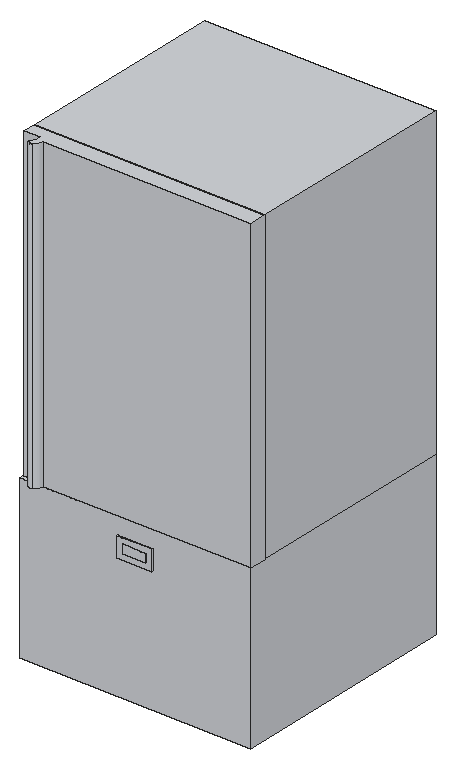
Revit family "Шкафы шоковой заморозки", category Оборудование, Revit 2020 (continued)
Automatic sketch dimensions
  curve 3032 to curve 3033 = 0 mm
  curve 2869 to curve 2870 = 0 mm
  curve 2872 to curve 2871 = 0 mm
  curve 3029 to curve 3028 = 21.213 mm
  curve 2868 to curve 2869 = 0 mm
  curve 3029 to curve 3028 = 0 mm
  curve 2867 to curve 2868 = 0 mm
  curve 3030 to curve 3029 = 0 mm
  curve 3031 to curve 3030 = 0 mm
  curve 2865 to curve 3035 = 0 mm
  curve 3034 to curve 3035 = 0 mm
  curve 2866 to curve 2865 = 0 mm
  curve 3033 to curve 3042 = 8.787 mm
  curve 3032 to curve 3041 = 8.787 mm
  curve 3031 to curve 3040 = 8.787 mm
  curve 3030 to curve 3039 = 8.787 mm
  curve 2871 to curve 2880 = 8.787 mm
  curve 3028 to curve 3037 = 8.787 mm
  curve 2870 to curve 2879 = 8.787 mm
  curve 3036 to curve 3037 = 0 mm
  curve 2869 to curve 2878 = 8.787 mm
  curve 2866 to curve 2875 = 8.787 mm
  curve 2867 to curve 2876 = 8.787 mm
  curve 3029 to curve 3038 = 8.787 mm
  curve 3035 to curve 2873 = 8.787 mm
  curve 3034 to curve 3043 = 8.787 mm
  curve 2868 to curve 2877 = 8.787 mm
  curve 2865 to curve 2874 = 8.787 mm
  curve 3039 to curve 3038 = 21.213 mm
  curve 2874 to curve 2873 = 21.213 mm
  curve 2880 to curve 2880 = 21.213 mm
  curve 2879 to curve 2880 = 0 mm
  curve 2878 to curve 2879 = 0 mm
  curve 2877 to curve 2878 = 0 mm
  curve 2876 to curve 2877 = 0 mm
  curve 2875 to curve 2876 = 0 mm
  curve 3037 to curve 3036 = 21.213 mm
  curve 3043 to curve 2873 = 0 mm
  curve 3042 to curve 3043 = 0 mm
  curve 3037 to curve 3036 = 0 mm
  curve 3041 to curve 3042 = 0 mm
  curve 3040 to curve 3041 = 0 mm
  curve 2874 to curve 2873 = 0 mm
  curve 3039 to curve 3038 = 0 mm
  curve 2874 to curve 2883 = 8.787 mm
  curve 2877 to curve 2886 = 8.787 mm
  curve 2875 to curve 2884 = 8.787 mm
  curve 3036 to curve 3044 = 8.787 mm
  curve 2878 to curve 2887 = 8.787 mm
  curve 2879 to curve 2888 = 8.787 mm
  curve 3036 to curve 3045 = 8.787 mm
  curve 3037 to curve 3046 = 8.787 mm
  curve 3038 to curve 3047 = 8.787 mm
  curve 3039 to curve 3048 = 8.787 mm
  curve 3040 to curve 3049 = 8.787 mm
  curve 3041 to curve 3050 = 8.787 mm
  curve 3043 to curve 2881 = 8.787 mm
  curve 2873 to curve 2882 = 8.787 mm
  curve 3042 to curve 3051 = 8.787 mm
  curve 2876 to curve 2885 = 8.787 mm
  curve 3048 to curve 3047 = 21.213 mm
  curve 2882 to curve 2881 = 21.213 mm
  curve 2880 to curve 2888 = 30 mm
  curve 2887 to curve 2888 = 0 mm
  curve 2886 to curve 2887 = 0 mm
  curve 2885 to curve 2886 = 0 mm
  curve 2884 to curve 2885 = 0 mm
  curve 2883 to curve 2884 = 0 mm
  curve 3045 to curve 3044 = 21.213 mm
  curve 3045 to curve 3044 = 0 mm
  curve 3046 to curve 3047 = 0 mm
  curve 2882 to curve 2881 = 0 mm
  curve 3048 to curve 3047 = 0 mm
  curve 3049 to curve 3048 = 0 mm
  curve 3050 to curve 3049 = 0 mm
  curve 3051 to curve 3050 = 0 mm
  curve 3051 to curve 2889 = 8.787 mm
  curve 3049 to curve 3058 = 8.787 mm
  curve 3050 to curve 3059 = 8.787 mm
  curve 2887 to curve 2896 = 8.787 mm
  curve 3047 to curve 3056 = 8.787 mm
  curve 3044 to curve 3052 = 8.787 mm
  curve 2886 to curve 2895 = 8.787 mm
  curve 2881 to curve 2890 = 8.787 mm
  curve 2885 to curve 2894 = 8.787 mm
  curve 2882 to curve 2891 = 8.787 mm
  curve 3044 to curve 3053 = 8.787 mm
  curve 2884 to curve 2893 = 8.787 mm
  curve 3046 to curve 3055 = 8.787 mm
  curve 2883 to curve 2892 = 8.787 mm
  curve 3045 to curve 3054 = 8.787 mm
  curve 3048 to curve 3057 = 8.787 mm
  curve 3055 to curve 3054 = 21.213 mm
  curve 2892 to curve 2891 = 21.213 mm
  curve 3053 to curve 3054 = 0 mm
  curve 2894 to curve 2893 = 21.213 mm
  curve 3055 to curve 3054 = 0 mm
  curve 2890 to curve 2891 = 0 mm
  curve 3052 to curve 3053 = 0 mm
  curve 2894 to curve 2893 = 0 mm
  curve 2895 to curve 2894 = 0 mm
  curve 2889 to curve 3059 = 21.213 mm
  curve 2896 to curve 2895 = 0 mm
  curve 3058 to curve 3059 = 0 mm
  curve 2889 to curve 2890 = 0 mm
  curve 3057 to curve 3058 = 0 mm
  curve 2892 to curve 2891 = 0 mm
  curve 3056 to curve 3055 = 0 mm
  curve 3052 to curve 3060 = 8.787 mm
  curve 3053 to curve 3062 = 8.787 mm
  curve 3054 to curve 3063 = 8.787 mm
  curve 3055 to curve 3064 = 8.787 mm
  curve 3056 to curve 3065 = 8.787 mm
  curve 3057 to curve 3066 = 8.787 mm
  curve 3058 to curve 3067 = 8.787 mm
  curve 2889 to curve 2898 = 8.787 mm
  curve 2895 to curve 2904 = 8.787 mm
  curve 2894 to curve 2903 = 8.787 mm
  curve 3059 to curve 2897 = 8.787 mm
  curve 3052 to curve 3061 = 8.787 mm
  curve 2890 to curve 2899 = 8.787 mm
  curve 2891 to curve 2900 = 8.787 mm
  curve 2893 to curve 2902 = 8.787 mm
  curve 2892 to curve 2901 = 8.787 mm
  curve 3062 to curve 3061 = 21.213 mm
  curve 2904 to curve 2904 = 21.213 mm
  curve 2902 to curve 2901 = 21.213 mm
  curve 2900 to curve 2901 = 0 mm
  curve 2903 to curve 2904 = 0 mm
  curve 2897 to curve 3067 = 21.213 mm
  curve 2899 to curve 2900 = 0 mm
  curve 3066 to curve 3067 = 0 mm
  curve 2902 to curve 2901 = 0 mm
  curve 3065 to curve 3066 = 0 mm
  curve 2898 to curve 2899 = 0 mm
  curve 3064 to curve 3065 = 0 mm
  curve 3063 to curve 3064 = 0 mm
  curve 3062 to curve 3063 = 0 mm
  curve 3060 to curve 3061 = 0 mm
  curve 2897 to curve 2898 = 0 mm
  curve 3064 to curve 3073 = 8.787 mm
  curve 2903 to curve 2912 = 8.787 mm
  curve 2898 to curve 2907 = 8.787 mm
  curve 2899 to curve 2908 = 8.787 mm
  curve 2900 to curve 2909 = 8.787 mm
  curve 3065 to curve 3074 = 8.787 mm
  curve 3060 to curve 3068 = 8.787 mm
  curve 2901 to curve 2910 = 8.787 mm
  curve 3060 to curve 3069 = 8.787 mm
  curve 3061 to curve 3070 = 8.787 mm
  curve 2902 to curve 2911 = 8.787 mm
  curve 3062 to curve 3071 = 8.787 mm
  curve 3067 to curve 2905 = 8.787 mm
  curve 3066 to curve 3075 = 8.787 mm
  curve 3063 to curve 3072 = 8.787 mm
  curve 2897 to curve 2906 = 8.787 mm
  curve 2909 to curve 2908 = 21.213 mm
  curve 2912 to curve 2912 = 21.213 mm
  curve 2909 to curve 2908 = 0 mm
  curve 2910 to curve 2909 = 0 mm
  curve 2905 to curve 3075 = 21.213 mm
  curve 3074 to curve 3075 = 0 mm
  curve 2911 to curve 2910 = 0 mm
  curve 3073 to curve 3074 = 0 mm
  curve 3072 to curve 3073 = 0 mm
  curve 3069 to curve 3068 = 21.213 mm
  curve 3069 to curve 3068 = 0 mm
  curve 2907 to curve 2906 = 21.213 mm
  curve 3070 to curve 3069 = 0 mm
  curve 3071 to curve 3070 = 0 mm
  curve 2905 to curve 2906 = 0 mm
  curve 2907 to curve 2908 = 0 mm
  curve 3074 to curve 3083 = 8.787 mm
  curve 3073 to curve 3082 = 8.787 mm
  curve 3072 to curve 3081 = 8.787 mm
  curve 3071 to curve 3080 = 8.787 mm
  curve 3070 to curve 3079 = 8.787 mm
  curve 3069 to curve 3078 = 8.787 mm
  curve 3068 to curve 3077 = 8.787 mm
  curve 2910 to curve 2919 = 8.787 mm
  curve 3076 to curve 3077 = 0 mm
  curve 2909 to curve 2918 = 8.787 mm
  curve 2906 to curve 2915 = 8.787 mm
  curve 2907 to curve 2916 = 8.787 mm
  curve 2911 to curve 2920 = 8.787 mm
  curve 3075 to curve 2913 = 8.787 mm
  curve 2908 to curve 2917 = 8.787 mm
  curve 2905 to curve 2914 = 8.787 mm
  curve 2916 to curve 2915 = 21.213 mm
  curve 2920 to curve 2919 = 21.213 mm
  curve 3077 to curve 3076 = 21.213 mm
  curve 2913 to curve 3083 = 21.213 mm
  curve 2916 to curve 2915 = 0 mm
  curve 2918 to curve 2919 = 0 mm
  curve 3077 to curve 3076 = 0 mm
  curve 2913 to curve 3083 = 0 mm
  curve 3078 to curve 3077 = 0 mm
  curve 3082 to curve 3083 = 0 mm
  curve 3079 to curve 3078 = 0 mm
  curve 3081 to curve 3082 = 0 mm
  curve 2914 to curve 2913 = 0 mm
  curve 2917 to curve 2918 = 0 mm
  curve 3080 to curve 3079 = 0 mm
  curve 2920 to curve 2919 = 0 mm
  curve 3083 to curve 3163 = 12.3 mm
  curve 2920 to curve 3000 = 12.3 mm
  curve 2914 to curve 2994 = 12.3 mm
  curve 2919 to curve 2999 = 12.3 mm
  curve 2918 to curve 2998 = 12.3 mm
  curve 2917 to curve 2997 = 12.3 mm
  curve 2913 to curve 2993 = 12.3 mm
  curve 2916 to curve 2996 = 12.3 mm
  curve 2915 to curve 2995 = 12.3 mm
  curve 3082 to curve 3162 = 12.3 mm
  curve 3076 to curve 3156 = 12.3 mm
  curve 3077 to curve 3157 = 12.3 mm
  curve 3078 to curve 3158 = 12.3 mm
  curve 3079 to curve 3159 = 12.3 mm
  curve 3080 to curve 3160 = 12.3 mm
  curve 3081 to curve 3161 = 12.3 mm
  curve 2994 to curve 2995 = 21.213 mm
  curve 2996 to curve 2995 = 0 mm
  curve 3158 to curve 3159 = 21.213 mm
  curve 2997 to curve 2996 = 0 mm
  curve 3158 to curve 3159 = 0 mm
  curve 2998 to curve 2997 = 0 mm
  curve 3157 to curve 3158 = 0 mm
  curve 2999 to curve 2998 = 0 mm
  curve 3000 to curve 2999 = 0 mm
  curve 3162 to curve 3163 = 21.213 mm
  curve 2994 to curve 2995 = 0 mm
  curve 2993 to curve 2994 = 0 mm
  curve 3162 to curve 3163 = 0 mm
  curve 3161 to curve 3162 = 0 mm
  curve 3160 to curve 3159 = 0 mm
  curve 3156 to curve 3157 = 0 mm
  curve 3161 to curve 3152 = 8.787 mm
  curve 2993 to curve 3155 = 8.787 mm
  curve 3163 to curve 3154 = 8.787 mm
  curve 3000 to curve 2991 = 8.787 mm
  curve 2992 to curve 2991 = 0 mm
  curve 2994 to curve 2985 = 8.787 mm
  curve 3160 to curve 3151 = 8.787 mm
  curve 2995 to curve 2986 = 8.787 mm
  curve 2998 to curve 2989 = 8.787 mm
  curve 2999 to curve 2990 = 8.787 mm
  curve 2996 to curve 2987 = 8.787 mm
  curve 3159 to curve 3150 = 8.787 mm
  curve 3162 to curve 3153 = 8.787 mm
  curve 3158 to curve 3149 = 8.787 mm
  curve 3157 to curve 3148 = 8.787 mm
  curve 2997 to curve 2988 = 8.787 mm
  curve 2989 to curve 2990 = 21.213 mm
  curve 2987 to curve 2988 = 21.213 mm
  curve 2987 to curve 2988 = 0 mm
  curve 2986 to curve 2987 = 0 mm
  curve 2985 to curve 2986 = 0 mm
  curve 3153 to curve 3154 = 21.213 mm
  curve 3153 to curve 3154 = 0 mm
  curve 2991 to curve 2992 = 21.213 mm
  curve 2989 to curve 2990 = 0 mm
  curve 3155 to curve 3154 = 0 mm
  curve 3156 to curve 3148 = 30 mm
  curve 3152 to curve 3153 = 0 mm
  curve 3149 to curve 3148 = 0 mm
  curve 2991 to curve 2992 = 0 mm
  curve 3150 to curve 3149 = 0 mm
  curve 3151 to curve 3150 = 0 mm
  curve 2991 to curve 2982 = 8.787 mm
  curve 2986 to curve 2977 = 8.787 mm
  curve 2987 to curve 2978 = 8.787 mm
  curve 3150 to curve 3141 = 8.787 mm
  curve 2988 to curve 2979 = 8.787 mm
  curve 2992 to curve 2984 = 8.787 mm
  curve 3154 to curve 3145 = 8.787 mm
  curve 2989 to curve 2980 = 8.787 mm
  curve 3152 to curve 3143 = 8.787 mm
  curve 3153 to curve 3144 = 8.787 mm
  curve 2990 to curve 2981 = 8.787 mm
  curve 2985 to curve 3147 = 8.787 mm
  curve 2992 to curve 2983 = 8.787 mm
  curve 3149 to curve 3140 = 8.787 mm
  curve 3155 to curve 3146 = 8.787 mm
  curve 3151 to curve 3142 = 8.787 mm
  curve 2977 to curve 2978 = 21.213 mm
  curve 2982 to curve 2983 = 21.213 mm
  curve 2982 to curve 2983 = 0 mm
  curve 3142 to curve 3143 = 21.213 mm
  curve 2981 to curve 2982 = 0 mm
  curve 3144 to curve 3143 = 0 mm
  curve 3145 to curve 3144 = 0 mm
  curve 2980 to curve 2981 = 0 mm
  curve 2984 to curve 2983 = 0 mm
  curve 2977 to curve 2978 = 0 mm
  curve 3140 to curve 3141 = 21.213 mm
  curve 2979 to curve 2980 = 0 mm
  curve 3142 to curve 3143 = 0 mm
  curve 3140 to curve 3141 = 0 mm
  curve 3146 to curve 3145 = 0 mm
  curve 3147 to curve 3146 = 0 mm
  curve 2983 to curve 2974 = 8.787 mm
  curve 2979 to curve 2970 = 8.787 mm
  curve 2978 to curve 2969 = 8.787 mm
  curve 3143 to curve 3134 = 8.787 mm
  curve 3144 to curve 3135 = 8.787 mm
  curve 3145 to curve 3136 = 8.787 mm
  curve 3146 to curve 3137 = 8.787 mm
  curve 3147 to curve 3138 = 8.787 mm
  curve 2977 to curve 3139 = 8.787 mm
  curve 2982 to curve 2973 = 8.787 mm
  curve 2981 to curve 2972 = 8.787 mm
  curve 2980 to curve 2971 = 8.787 mm
  curve 3142 to curve 3133 = 8.787 mm
  curve 2984 to curve 2975 = 8.787 mm
  curve 3141 to curve 3132 = 8.787 mm
  curve 2976 to curve 2975 = 0 mm  (x2)
  curve 3138 to curve 3139 = 21.213 mm
  curve 2970 to curve 2971 = 21.213 mm
  curve 2972 to curve 2971 = 0 mm
  curve 2970 to curve 2971 = 0 mm
  curve 3138 to curve 3139 = 0 mm
  curve 2969 to curve 2970 = 0 mm
  curve 2973 to curve 2974 = 21.213 mm
  curve 3133 to curve 3134 = 21.213 mm
  curve 3137 to curve 3138 = 0 mm
  curve 2975 to curve 2974 = 0 mm
  curve 3136 to curve 3137 = 0 mm
  curve 3133 to curve 3134 = 0 mm
  curve 3135 to curve 3134 = 0 mm
  curve 3132 to curve 3133 = 0 mm
  curve 2973 to curve 2974 = 0 mm
  curve 2973 to curve 2964 = 8.787 mm
  curve 2974 to curve 2965 = 8.787 mm
  curve 3139 to curve 3130 = 8.787 mm
  curve 2975 to curve 2966 = 8.787 mm
  curve 2972 to curve 2963 = 8.787 mm
  curve 3138 to curve 3129 = 8.787 mm
  curve 2976 to curve 2967 = 8.787 mm
  curve 2971 to curve 2962 = 8.787 mm
  curve 3137 to curve 3128 = 8.787 mm
  curve 2968 to curve 2967 = 0 mm
  curve 3136 to curve 3127 = 8.787 mm
  curve 2970 to curve 2961 = 8.787 mm
  curve 3135 to curve 3126 = 8.787 mm
  curve 3134 to curve 3125 = 8.787 mm
  curve 2969 to curve 3131 = 8.787 mm
  curve 3133 to curve 3124 = 8.787 mm
  curve 2967 to curve 2968 = 21.213 mm
  curve 3125 to curve 3126 = 21.213 mm
  curve 3127 to curve 3126 = 0 mm
  curve 3131 to curve 2961 = 21.213 mm
  curve 3128 to curve 3127 = 0 mm
  curve 3129 to curve 3128 = 0 mm
  curve 2967 to curve 2968 = 0 mm
  curve 2962 to curve 2961 = 0 mm
  curve 3130 to curve 3129 = 0 mm
  curve 2966 to curve 2967 = 0 mm
  curve 3131 to curve 3130 = 0 mm
  curve 2963 to curve 2962 = 0 mm
  curve 2965 to curve 2966 = 0 mm
  curve 3132 to curve 3124 = 30 mm
  curve 2964 to curve 2963 = 0 mm
  curve 3125 to curve 3126 = 0 mm
  curve 2967 to curve 2958 = 8.787 mm
  curve 2962 to curve 2953 = 8.787 mm
  curve 3129 to curve 3120 = 8.787 mm
  curve 3125 to curve 3116 = 8.787 mm
  curve 2968 to curve 2960 = 8.787 mm
  curve 2966 to curve 2957 = 8.787 mm
  curve 2963 to curve 2954 = 8.787 mm
  curve 3126 to curve 3117 = 8.787 mm
  curve 3131 to curve 3122 = 8.787 mm
  curve 3128 to curve 3119 = 8.787 mm
  curve 2964 to curve 2955 = 8.787 mm
  curve 3130 to curve 3121 = 8.787 mm
  curve 2965 to curve 2956 = 8.787 mm
  curve 2968 to curve 2959 = 8.787 mm
  curve 2961 to curve 3123 = 8.787 mm
  curve 3127 to curve 3118 = 8.787 mm
  curve 3122 to curve 3123 = 21.213 mm
  curve 3122 to curve 3123 = 0 mm
  curve 2958 to curve 2959 = 21.213 mm
  curve 3121 to curve 3122 = 0 mm
  curve 2958 to curve 2959 = 0 mm
  curve 3120 to curve 3121 = 0 mm
  curve 2957 to curve 2958 = 0 mm
  curve 3119 to curve 3120 = 0 mm
  curve 2956 to curve 2957 = 0 mm
  curve 3118 to curve 3119 = 0 mm
  curve 2955 to curve 2956 = 0 mm
  curve 3117 to curve 3118 = 0 mm
  curve 2954 to curve 2955 = 0 mm
  curve 3116 to curve 3117 = 0 mm
  curve 2960 to curve 2959 = 0 mm
  curve 2953 to curve 2954 = 0 mm
  curve 2957 to curve 2948 = 8.787 mm
  curve 2958 to curve 2949 = 8.787 mm
  curve 3122 to curve 3113 = 8.787 mm
  curve 3121 to curve 3112 = 8.787 mm
  curve 2959 to curve 2950 = 8.787 mm
  curve 2954 to curve 2945 = 8.787 mm
  curve 3120 to curve 3111 = 8.787 mm
  curve 3119 to curve 3110 = 8.787 mm
  curve 2960 to curve 2951 = 8.787 mm
  curve 2955 to curve 2946 = 8.787 mm
  curve 3118 to curve 3109 = 8.787 mm
  curve 3117 to curve 3108 = 8.787 mm
  curve 2952 to curve 2951 = 0 mm
  curve 2956 to curve 2947 = 8.787 mm
  curve 3123 to curve 3114 = 8.787 mm
  curve 2953 to curve 3115 = 8.787 mm
  curve 2947 to curve 2948 = 21.213 mm
  curve 3114 to curve 3115 = 21.213 mm
  curve 3116 to curve 3108 = 30 mm
  curve 2947 to curve 2948 = 0 mm
  curve 3109 to curve 3108 = 0 mm
  curve 2951 to curve 2952 = 21.213 mm
  curve 3110 to curve 3109 = 0 mm
  curve 2946 to curve 2947 = 0 mm
  curve 3111 to curve 3110 = 0 mm
  curve 2951 to curve 2952 = 0 mm
  curve 3112 to curve 3111 = 0 mm
  curve 2945 to curve 2946 = 0 mm
  curve 3113 to curve 3112 = 0 mm
  curve 2950 to curve 2951 = 0 mm
  curve 3114 to curve 3115 = 0 mm
  curve 2949 to curve 2950 = 0 mm
  curve 2945 to curve 3107 = 8.787 mm
  curve 3115 to curve 3106 = 8.787 mm
  curve 2949 to curve 2940 = 8.787 mm
  curve 3114 to curve 3105 = 8.787 mm
  curve 3113 to curve 3104 = 8.787 mm
  curve 3112 to curve 3103 = 8.787 mm
  curve 3111 to curve 3102 = 8.787 mm
  curve 3110 to curve 3101 = 8.787 mm
  curve 3109 to curve 3100 = 8.787 mm
  curve 2952 to curve 2944 = 8.787 mm
  curve 2952 to curve 2943 = 8.787 mm
  curve 2951 to curve 2942 = 8.787 mm
  curve 2950 to curve 2941 = 8.787 mm
  curve 2948 to curve 2939 = 8.787 mm
  curve 2947 to curve 2938 = 8.787 mm
  curve 2946 to curve 2937 = 8.787 mm
  curve 3106 to curve 3107 = 21.213 mm
  curve 3106 to curve 3107 = 0 mm
  curve 3105 to curve 3106 = 0 mm
  curve 3104 to curve 3105 = 0 mm
  curve 3103 to curve 3104 = 0 mm
  curve 3102 to curve 3103 = 0 mm
  curve 3101 to curve 3102 = 0 mm
  curve 3100 to curve 3101 = 0 mm
  curve 2937 to curve 2938 = 21.213 mm
  curve 2939 to curve 2938 = 0 mm
  curve 2940 to curve 2939 = 0 mm
  curve 2941 to curve 2940 = 0 mm
  curve 2943 to curve 2944 = 21.213 mm
  curve 2937 to curve 2938 = 0 mm
  curve 2943 to curve 2944 = 0 mm
  curve 2942 to curve 2943 = 0 mm
  curve 3104 to curve 3095 = 8.787 mm
  curve 3103 to curve 3094 = 8.787 mm
  curve 3106 to curve 3097 = 8.787 mm
  curve 3102 to curve 3093 = 8.787 mm
  curve 2938 to curve 2929 = 8.787 mm
  curve 3101 to curve 3092 = 8.787 mm
  curve 2939 to curve 2930 = 8.787 mm
  curve 2940 to curve 2931 = 8.787 mm
  curve 2937 to curve 3099 = 8.787 mm
  curve 2941 to curve 2932 = 8.787 mm
  curve 3105 to curve 3096 = 8.787 mm
  curve 2942 to curve 2933 = 8.787 mm
  curve 2944 to curve 2936 = 8.787 mm
  curve 2943 to curve 2934 = 8.787 mm
  curve 2944 to curve 2935 = 8.787 mm
  curve 3107 to curve 3098 = 8.787 mm
  curve 2935 to curve 2936 = 21.213 mm
  curve 2933 to curve 2934 = 21.213 mm
  curve 2933 to curve 2934 = 0 mm
  curve 2932 to curve 2933 = 0 mm
  curve 3092 to curve 3001 = 30 mm
  curve 3093 to curve 3092 = 0 mm
  curve 3094 to curve 3093 = 0 mm
  curve 3095 to curve 3094 = 0 mm
  curve 3096 to curve 3095 = 0 mm
  curve 3097 to curve 3096 = 0 mm
  curve 3099 to curve 2929 = 21.213 mm
  curve 3098 to curve 3097 = 0 mm
  curve 2930 to curve 2929 = 0 mm
  curve 3099 to curve 3098 = 0 mm
  curve 2935 to curve 2934 = 0 mm
  curve 2931 to curve 2932 = 0 mm
  curve 2928 to curve 3001 = 21.213 mm
  curve 3099 to curve 3090 = 8.787 mm
  curve 2936 to curve 2927 = 8.787 mm
  curve 3098 to curve 3089 = 8.787 mm
  curve 2935 to curve 2926 = 8.787 mm
  curve 3097 to curve 3088 = 8.787 mm
  curve 2934 to curve 2925 = 8.787 mm
  curve 3096 to curve 3087 = 8.787 mm
  curve 2933 to curve 2924 = 8.787 mm
  curve 3095 to curve 3086 = 8.787 mm
  curve 2932 to curve 2923 = 8.787 mm
  curve 3094 to curve 3085 = 8.787 mm
  curve 2931 to curve 2922 = 8.787 mm
  curve 3093 to curve 3084 = 8.787 mm
  curve 2929 to curve 3091 = 8.787 mm
  curve 2930 to curve 2921 = 8.787 mm
  Extrusion 2 to curve 763 = 71.801 mm
  Extrusion 2 to curve 763 = 167.723 mm
  Extrusion 2 to curve 766 = 37.264 mm
  Extrusion 2 to curve 766 = 135.284 mm
  curve 763 to curve 519 = 0.009 mm
  curve 763 to curve 439 = 0.009 mm
  curve 551 to curve 552 = 15.009 mm
  curve 463 to curve 464 = 15.009 mm
  curve 559 to curve 560 = 15.009 mm
  curve 543 to curve 544 = 15.009 mm
  curve 455 to curve 456 = 15.009 mm
  curve 447 to curve 448 = 15.009 mm
  curve 471 to curve 472 = 15.009 mm
  curve 535 to curve 536 = 15.009 mm
  curve 591 to curve 592 = 15.009 mm
  curve 479 to curve 480 = 15.009 mm
  curve 527 to curve 528 = 15.009 mm
  curve 487 to curve 488 = 15.009 mm
  curve 567 to curve 568 = 15.009 mm
  curve 583 to curve 584 = 15.009 mm
  curve 519 to curve 520 = 15 mm
  curve 511 to curve 512 = 15.009 mm
  curve 495 to curve 496 = 15.009 mm
  curve 439 to curve 440 = 15 mm
  curve 503 to curve 504 = 15.009 mm
  curve 575 to curve 576 = 15.009 mm
  curve 512 to curve 511 = 6.213 mm
  curve 512 to curve 503 = 6.213 mm
  curve 592 to curve 583 = 6.213 mm
  curve 504 to curve 495 = 6.213 mm
  curve 584 to curve 575 = 6.213 mm
  curve 528 to curve 519 = 6.213 mm
  curve 464 to curve 455 = 6.213 mm
  curve 448 to curve 439 = 6.213 mm
  curve 536 to curve 527 = 6.213 mm
  curve 496 to curve 487 = 6.213 mm
  curve 511 to curve 591 = 0 mm
  curve 488 to curve 479 = 6.213 mm
  curve 544 to curve 535 = 6.213 mm
  curve 576 to curve 567 = 6.213 mm
  curve 552 to curve 543 = 6.213 mm
  curve 480 to curve 471 = 6.213 mm
  curve 472 to curve 463 = 6.213 mm
  curve 568 to curve 559 = 6.213 mm
  curve 560 to curve 551 = 6.213 mm
  curve 456 to curve 447 = 6.213 mm
  curve 447 to curve 457 = 8.787 mm
  curve 543 to curve 553 = 8.787 mm
  curve 440 to curve 441 = 15 mm
  curve 535 to curve 545 = 8.787 mm
  curve 551 to curve 561 = 8.787 mm
  curve 527 to curve 537 = 8.787 mm
  curve 519 to curve 529 = 8.787 mm
  curve 439 to curve 449 = 8.787 mm
  curve 520 to curve 521 = 15 mm
  curve 503 to curve 513 = 8.787 mm
  curve 559 to curve 569 = 8.787 mm
  curve 495 to curve 505 = 8.787 mm
  curve 487 to curve 497 = 8.787 mm
  curve 567 to curve 577 = 8.787 mm
  curve 479 to curve 489 = 8.787 mm
  curve 471 to curve 481 = 8.787 mm
  curve 575 to curve 585 = 8.787 mm
  curve 463 to curve 473 = 8.787 mm
  curve 583 to curve 593 = 8.787 mm
  curve 455 to curve 465 = 8.787 mm
  curve 591 to curve 592 = 15 mm
  curve 593 to curve 584 = 6.213 mm
  curve 585 to curve 576 = 6.213 mm
  curve 577 to curve 568 = 6.213 mm
  curve 449 to curve 440 = 6.213 mm
  curve 569 to curve 560 = 6.213 mm
  curve 553 to curve 544 = 6.213 mm
  curve 545 to curve 536 = 6.213 mm
  curve 457 to curve 448 = 6.213 mm
  curve 537 to curve 528 = 6.213 mm
  curve 529 to curve 520 = 6.213 mm
  curve 512 to curve 592 = 0 mm
  curve 513 to curve 504 = 6.213 mm
  curve 505 to curve 496 = 6.213 mm
  curve 497 to curve 488 = 6.213 mm
  curve 489 to curve 480 = 6.213 mm
  curve 481 to curve 472 = 6.213 mm
  curve 473 to curve 464 = 6.213 mm
  curve 465 to curve 456 = 6.213 mm
  curve 561 to curve 552 = 6.213 mm
  curve 560 to curve 570 = 8.787 mm
  curve 480 to curve 490 = 8.787 mm
  curve 528 to curve 538 = 8.787 mm
  curve 568 to curve 578 = 8.787 mm
  curve 496 to curve 506 = 8.787 mm
  curve 536 to curve 546 = 8.787 mm
  curve 456 to curve 466 = 8.787 mm
  curve 504 to curve 514 = 8.787 mm
  curve 576 to curve 586 = 8.787 mm
  curve 441 to curve 442 = 15 mm
  curve 472 to curve 482 = 8.787 mm
  curve 448 to curve 458 = 8.787 mm
  curve 544 to curve 554 = 8.787 mm
  curve 488 to curve 498 = 8.787 mm
  curve 521 to curve 522 = 15 mm
  curve 440 to curve 450 = 8.787 mm
  curve 584 to curve 594 = 8.787 mm
  curve 520 to curve 530 = 8.787 mm
  curve 464 to curve 474 = 8.787 mm
  curve 552 to curve 562 = 8.787 mm
  curve 570 to curve 561 = 6.213 mm
  curve 538 to curve 529 = 6.213 mm
  curve 514 to curve 505 = 6.213 mm
  curve 592 to curve 593 = 15 mm
  curve 458 to curve 449 = 6.213 mm
  curve 530 to curve 521 = 6.213 mm
  curve 466 to curve 457 = 6.213 mm
  curve 562 to curve 553 = 6.213 mm
  curve 578 to curve 569 = 6.213 mm
  curve 490 to curve 481 = 6.213 mm
  curve 450 to curve 441 = 6.213 mm
  curve 498 to curve 489 = 6.213 mm
  curve 482 to curve 473 = 6.213 mm
  curve 594 to curve 585 = 6.213 mm
  curve 506 to curve 497 = 6.213 mm
  curve 513 to curve 593 = 0 mm
  curve 474 to curve 465 = 6.213 mm
  curve 586 to curve 577 = 6.213 mm
  curve 554 to curve 545 = 6.213 mm
  curve 546 to curve 537 = 6.213 mm
  curve 497 to curve 507 = 8.787 mm
  curve 457 to curve 467 = 8.787 mm
  curve 505 to curve 515 = 8.787 mm
  curve 561 to curve 571 = 8.787 mm
  curve 449 to curve 459 = 8.787 mm
  curve 577 to curve 587 = 8.787 mm
  curve 522 to curve 523 = 15 mm
  curve 489 to curve 499 = 8.787 mm
  curve 553 to curve 563 = 8.787 mm
  curve 441 to curve 451 = 8.787 mm
  curve 465 to curve 475 = 8.787 mm
  curve 521 to curve 531 = 8.787 mm
  curve 585 to curve 595 = 8.787 mm
  curve 545 to curve 555 = 8.787 mm
  curve 442 to curve 443 = 15 mm
  curve 537 to curve 547 = 8.787 mm
  curve 481 to curve 491 = 8.787 mm
  curve 473 to curve 483 = 8.787 mm
  curve 529 to curve 539 = 8.787 mm
  curve 569 to curve 579 = 8.787 mm
  curve 451 to curve 442 = 6.213 mm
  curve 547 to curve 538 = 6.213 mm
  curve 499 to curve 490 = 6.213 mm
  curve 491 to curve 482 = 6.213 mm
  curve 531 to curve 522 = 6.213 mm
  curve 459 to curve 450 = 6.213 mm
  curve 555 to curve 546 = 6.213 mm
  curve 593 to curve 594 = 15 mm
  curve 467 to curve 458 = 6.213 mm
  curve 579 to curve 570 = 6.213 mm
  curve 483 to curve 474 = 6.213 mm
  curve 539 to curve 530 = 6.213 mm
  curve 507 to curve 498 = 6.213 mm
  curve 514 to curve 594 = 0 mm
  curve 475 to curve 466 = 6.213 mm
  curve 587 to curve 578 = 6.213 mm
  curve 595 to curve 586 = 6.213 mm
  curve 563 to curve 554 = 6.213 mm
  curve 515 to curve 506 = 6.213 mm
  curve 571 to curve 562 = 6.213 mm
  curve 498 to curve 508 = 8.787 mm
  curve 443 to curve 444 = 15 mm
  curve 570 to curve 580 = 8.787 mm
  curve 458 to curve 468 = 8.787 mm
  curve 578 to curve 588 = 8.787 mm
  curve 546 to curve 556 = 8.787 mm
  curve 522 to curve 532 = 8.787 mm
  curve 450 to curve 460 = 8.787 mm
  curve 490 to curve 500 = 8.787 mm
  curve 506 to curve 516 = 8.787 mm
  curve 562 to curve 572 = 8.787 mm
  curve 538 to curve 548 = 8.787 mm
  curve 466 to curve 476 = 8.787 mm
  curve 586 to curve 596 = 8.787 mm
  curve 523 to curve 524 = 15 mm
  curve 482 to curve 492 = 8.787 mm
  curve 442 to curve 452 = 8.787 mm
  curve 554 to curve 564 = 8.787 mm
  curve 474 to curve 484 = 8.787 mm
  curve 530 to curve 540 = 8.787 mm
  curve 572 to curve 563 = 6.213 mm
  curve 532 to curve 523 = 6.213 mm
  curve 460 to curve 451 = 6.213 mm
  curve 468 to curve 459 = 6.213 mm
  curve 580 to curve 571 = 6.213 mm
  curve 514 to curve 515 = 15 mm
  curve 540 to curve 531 = 6.213 mm
  curve 564 to curve 555 = 6.213 mm
  curve 476 to curve 467 = 6.213 mm
  curve 588 to curve 579 = 6.213 mm
  curve 452 to curve 443 = 6.213 mm
  curve 516 to curve 507 = 6.213 mm
  curve 596 to curve 587 = 6.213 mm
  curve 515 to curve 595 = 0 mm
  curve 508 to curve 499 = 6.213 mm
  curve 556 to curve 547 = 6.213 mm
  curve 484 to curve 475 = 6.213 mm
  curve 500 to curve 491 = 6.213 mm
  curve 492 to curve 483 = 6.213 mm
  curve 548 to curve 539 = 6.213 mm
  curve 571 to curve 581 = 8.787 mm
  curve 531 to curve 541 = 8.787 mm
  curve 491 to curve 501 = 8.787 mm
  curve 579 to curve 589 = 8.787 mm
  curve 451 to curve 461 = 8.787 mm
  curve 539 to curve 549 = 8.787 mm
  curve 499 to curve 509 = 8.787 mm
  curve 475 to curve 485 = 8.787 mm
  curve 444 to curve 445 = 15 mm
  curve 523 to curve 533 = 8.787 mm
  curve 587 to curve 597 = 8.787 mm
  curve 547 to curve 557 = 8.787 mm
  curve 467 to curve 477 = 8.787 mm
  curve 563 to curve 573 = 8.787 mm
  curve 507 to curve 517 = 8.787 mm
  curve 459 to curve 469 = 8.787 mm
  curve 443 to curve 453 = 8.787 mm
  curve 524 to curve 525 = 15 mm
  curve 483 to curve 493 = 8.787 mm
  curve 555 to curve 565 = 8.787 mm
  curve 573 to curve 564 = 6.213 mm
  curve 533 to curve 524 = 6.213 mm
  curve 461 to curve 452 = 6.213 mm
  curve 485 to curve 476 = 6.213 mm
  curve 477 to curve 468 = 6.213 mm
  curve 515 to curve 516 = 15 mm
  curve 581 to curve 572 = 6.213 mm
  curve 565 to curve 556 = 6.213 mm
  curve 589 to curve 580 = 6.213 mm
  curve 541 to curve 532 = 6.213 mm
  curve 516 to curve 596 = 0 mm
  curve 453 to curve 444 = 6.213 mm
  curve 517 to curve 508 = 6.213 mm
  curve 493 to curve 484 = 6.213 mm
  curve 469 to curve 460 = 6.213 mm
  curve 557 to curve 548 = 6.213 mm
  curve 509 to curve 500 = 6.213 mm
  curve 597 to curve 588 = 6.213 mm
  curve 549 to curve 540 = 6.213 mm
  curve 501 to curve 492 = 6.213 mm
  curve 492 to curve 502 = 8.787 mm
  curve 452 to curve 462 = 8.787 mm
  curve 572 to curve 582 = 8.787 mm
  curve 580 to curve 590 = 8.787 mm
  curve 500 to curve 510 = 8.787 mm
  curve 564 to curve 574 = 8.787 mm
  curve 588 to curve 598 = 8.787 mm
  curve 508 to curve 518 = 8.787 mm
  curve 444 to curve 454 = 8.787 mm
  curve 460 to curve 470 = 8.787 mm
  curve 484 to curve 494 = 8.787 mm
  curve 556 to curve 566 = 8.787 mm
  curve 525 to curve 526 = 15 mm  (x2)
  curve 540 to curve 550 = 8.787 mm
  curve 468 to curve 478 = 8.787 mm
  curve 548 to curve 558 = 8.787 mm
  curve 476 to curve 486 = 8.787 mm
  curve 445 to curve 446 = 15 mm  (x2)
  curve 524 to curve 534 = 8.787 mm
  curve 532 to curve 542 = 8.787 mm
  curve 494 to curve 485 = 6.213 mm
  curve 550 to curve 541 = 6.213 mm
  curve 558 to curve 549 = 6.213 mm
  curve 486 to curve 477 = 6.213 mm
  curve 542 to curve 533 = 6.213 mm
  curve 454 to curve 445 = 6.213 mm
  curve 566 to curve 557 = 6.213 mm
  curve 534 to curve 525 = 6.213 mm
  curve 574 to curve 565 = 6.213 mm
  curve 502 to curve 493 = 6.213 mm
  curve 462 to curve 453 = 6.213 mm
  curve 478 to curve 469 = 6.213 mm
  curve 516 to curve 517 = 15 mm
  curve 582 to curve 573 = 6.213 mm
  curve 517 to curve 597 = 0 mm
  curve 598 to curve 589 = 6.213 mm
  curve 590 to curve 581 = 6.213 mm
  curve 510 to curve 501 = 6.213 mm
  curve 518 to curve 509 = 6.213 mm
  curve 470 to curve 461 = 6.213 mm
  curve 461 to curve 462 = 15 mm
  curve 581 to curve 582 = 15 mm
  curve 501 to curve 502 = 15 mm
  curve 509 to curve 510 = 15 mm
  curve 589 to curve 590 = 15 mm
  curve 573 to curve 574 = 15 mm
  curve 597 to curve 598 = 15 mm
  curve 485 to curve 486 = 15 mm
  curve 453 to curve 454 = 15 mm
  curve 518 to curve 598 = 0 mm
  curve 493 to curve 494 = 15 mm
  curve 469 to curve 470 = 15 mm
  curve 565 to curve 566 = 15 mm
  curve 541 to curve 542 = 15 mm
  curve 477 to curve 478 = 15 mm
  curve 557 to curve 558 = 15 mm
  curve 533 to curve 534 = 15 mm
  curve 549 to curve 550 = 15 mm
  curve 523 to curve 524 = 21.049 mm
  curve 526 to curve 764 = 21.049 mm
  curve 522 to curve 523 = 0 mm
  curve 519 to curve 520 = 21.049 mm
  curve 520 to curve 519 = 0 mm
  curve 521 to curve 522 = 0 mm
  curve 524 to curve 523 = 0 mm
  curve 525 to curve 524 = 0 mm
  curve 527 to curve 519 = 8.787 mm
  curve 532 to curve 523 = 8.787 mm
  curve 531 to curve 522 = 8.787 mm
  curve 528 to curve 519 = 8.787 mm
  curve 529 to curve 520 = 8.787 mm
  curve 534 to curve 525 = 8.787 mm
  curve 530 to curve 521 = 8.787 mm
  curve 533 to curve 524 = 8.787 mm
  curve 527 to curve 528 = 21.213 mm
  curve 531 to curve 532 = 21.213 mm
  curve 532 to curve 531 = 0 mm
  curve 530 to curve 531 = 0 mm
  curve 533 to curve 532 = 0 mm
  curve 529 to curve 530 = 0 mm
  curve 534 to curve 533 = 0 mm
  curve 528 to curve 527 = 0 mm
  curve 535 to curve 527 = 8.787 mm
  curve 536 to curve 527 = 8.787 mm
  curve 542 to curve 533 = 8.787 mm
  curve 537 to curve 528 = 8.787 mm
  curve 541 to curve 532 = 8.787 mm
  curve 538 to curve 529 = 8.787 mm
  curve 540 to curve 531 = 8.787 mm
  curve 539 to curve 530 = 8.787 mm
  curve 539 to curve 540 = 21.213 mm
  curve 538 to curve 539 = 0 mm
  curve 540 to curve 539 = 0 mm
  curve 537 to curve 538 = 0 mm
  curve 541 to curve 540 = 0 mm
  curve 536 to curve 537 = 0 mm
  curve 542 to curve 541 = 0 mm
  curve 535 to curve 536 = 0 mm
  curve 543 to curve 535 = 8.787 mm
  curve 544 to curve 535 = 8.787 mm
  curve 550 to curve 541 = 8.787 mm
  curve 545 to curve 536 = 8.787 mm
  curve 549 to curve 540 = 8.787 mm
  curve 546 to curve 537 = 8.787 mm
  curve 548 to curve 539 = 8.787 mm
  curve 547 to curve 538 = 8.787 mm
  curve 547 to curve 548 = 21.213 mm
  curve 546 to curve 547 = 0 mm
  curve 548 to curve 547 = 0 mm
  curve 545 to curve 546 = 0 mm
  curve 549 to curve 548 = 0 mm
  curve 544 to curve 545 = 0 mm
  curve 550 to curve 549 = 0 mm
  curve 543 to curve 544 = 0 mm
  curve 551 to curve 543 = 8.787 mm
  curve 552 to curve 543 = 8.787 mm
  curve 555 to curve 546 = 8.787 mm
  curve 557 to curve 548 = 8.787 mm
  curve 553 to curve 544 = 8.787 mm
  curve 558 to curve 549 = 8.787 mm
  curve 556 to curve 547 = 8.787 mm
  curve 554 to curve 545 = 8.787 mm
  curve 552 to curve 553 = 21.213 mm
  curve 556 to curve 557 = 21.213 mm
  curve 558 to curve 558 = 21.213 mm
  curve 554 to curve 555 = 21.213 mm
  curve 557 to curve 556 = 0 mm
  curve 551 to curve 552 = 0 mm
  curve 553 to curve 554 = 0 mm
  curve 555 to curve 556 = 0 mm
  curve 564 to curve 555 = 8.787 mm
  curve 560 to curve 551 = 8.787 mm
  curve 566 to curve 557 = 8.787 mm
  curve 559 to curve 560 = 0 mm
  curve 561 to curve 552 = 8.787 mm
  curve 562 to curve 553 = 8.787 mm
  curve 565 to curve 556 = 8.787 mm
  curve 563 to curve 554 = 8.787 mm
  curve 559 to curve 560 = 21.213 mm
  curve 560 to curve 559 = 0 mm
  curve 561 to curve 560 = 0 mm
  curve 563 to curve 564 = 21.213 mm
  curve 564 to curve 563 = 0 mm
  curve 565 to curve 564 = 0 mm
  curve 566 to curve 565 = 0 mm
  curve 562 to curve 561 = 0 mm
  curve 571 to curve 562 = 8.787 mm
  curve 567 to curve 559 = 8.787 mm
  curve 568 to curve 559 = 8.787 mm
  curve 574 to curve 565 = 8.787 mm
  curve 569 to curve 560 = 8.787 mm
  curve 573 to curve 564 = 8.787 mm
  curve 570 to curve 561 = 8.787 mm
  curve 572 to curve 563 = 8.787 mm
  curve 571 to curve 572 = 21.213 mm
  curve 570 to curve 571 = 0 mm
  curve 572 to curve 571 = 0 mm
  curve 569 to curve 570 = 0 mm
  curve 573 to curve 572 = 0 mm
  curve 568 to curve 569 = 0 mm
  curve 574 to curve 573 = 0 mm
  curve 567 to curve 568 = 0 mm
  curve 575 to curve 567 = 8.787 mm
  curve 576 to curve 567 = 8.787 mm
  curve 580 to curve 571 = 8.787 mm
  curve 579 to curve 570 = 8.787 mm
  curve 577 to curve 568 = 8.787 mm
  curve 582 to curve 573 = 8.787 mm
  curve 578 to curve 569 = 8.787 mm
  curve 581 to curve 572 = 8.787 mm
  curve 576 to curve 577 = 21.213 mm
  curve 575 to curve 576 = 0 mm
  curve 580 to curve 581 = 21.213 mm
  curve 578 to curve 579 = 21.213 mm
  curve 581 to curve 580 = 0 mm
  curve 577 to curve 578 = 0 mm
  curve 582 to curve 581 = 0 mm
  curve 579 to curve 580 = 0 mm
  curve 583 to curve 575 = 8.787 mm
  curve 584 to curve 575 = 8.787 mm
  curve 588 to curve 579 = 8.787 mm
  curve 587 to curve 578 = 8.787 mm
  curve 585 to curve 576 = 8.787 mm
  curve 590 to curve 581 = 8.787 mm
  curve 586 to curve 577 = 8.787 mm
  curve 589 to curve 580 = 8.787 mm
  curve 584 to curve 585 = 21.213 mm
  curve 587 to curve 588 = 21.213 mm
  curve 588 to curve 587 = 0 mm
  curve 586 to curve 587 = 0 mm
  curve 589 to curve 588 = 0 mm
  curve 585 to curve 586 = 0 mm
  curve 590 to curve 589 = 0 mm
  curve 583 to curve 584 = 0 mm
  curve 591 to curve 583 = 8.787 mm
  curve 595 to curve 586 = 8.787 mm
  curve 592 to curve 583 = 8.787 mm
  curve 594 to curve 585 = 8.787 mm
  curve 597 to curve 588 = 8.787 mm
  curve 593 to curve 584 = 8.787 mm
  curve 596 to curve 587 = 8.787 mm
  curve 598 to curve 589 = 8.787 mm
  curve 592 to curve 593 = 21.213 mm
  curve 597 to curve 598 = 21.213 mm
  curve 595 to curve 596 = 21.213 mm
  curve 593 to curve 592 = 0 mm
  curve 596 to curve 595 = 0 mm
  curve 598 to curve 597 = 0 mm
  curve 594 to curve 593 = 0 mm
  curve 591 to curve 592 = 0 mm
  curve 516 to curve 596 = 12.3 mm
  curve 511 to curve 591 = 12.3 mm
  curve 512 to curve 592 = 12.3 mm
  curve 513 to curve 593 = 12.3 mm
  curve 518 to curve 598 = 12.3 mm
  curve 514 to curve 594 = 12.3 mm
  curve 517 to curve 597 = 12.3 mm
  curve 515 to curve 595 = 12.3 mm
  curve 513 to curve 512 = 21.213 mm
  curve 516 to curve 515 = 21.213 mm
  curve 517 to curve 516 = 0 mm
  curve 515 to curve 516 = 0 mm
  curve 518 to curve 517 = 0 mm
  curve 514 to curve 513 = 0 mm
  curve 512 to curve 513 = 0 mm
  curve 511 to curve 512 = 0 mm
  curve 506 to curve 515 = 8.787 mm
  curve 503 to curve 512 = 8.787 mm
  curve 505 to curve 514 = 8.787 mm
  curve 507 to curve 516 = 8.787 mm
  curve 510 to curve 518 = 8.787 mm
  curve 508 to curve 517 = 8.787 mm
  curve 509 to curve 518 = 8.787 mm
  curve 504 to curve 513 = 8.787 mm
  curve 510 to curve 509 = 21.213 mm
  curve 508 to curve 507 = 21.213 mm
  curve 509 to curve 508 = 0 mm
  curve 507 to curve 508 = 0 mm
  curve 504 to curve 503 = 21.213 mm
  curve 506 to curve 507 = 0 mm
  curve 503 to curve 504 = 0 mm
  curve 505 to curve 506 = 0 mm
  curve 495 to curve 504 = 8.787 mm
  curve 496 to curve 505 = 8.787 mm
  curve 499 to curve 508 = 8.787 mm
  curve 500 to curve 509 = 8.787 mm
  curve 497 to curve 506 = 8.787 mm
  curve 502 to curve 510 = 8.787 mm
  curve 498 to curve 507 = 8.787 mm
  curve 501 to curve 510 = 8.787 mm
  curve 495 to curve 503 = 30 mm
  curve 500 to curve 499 = 21.213 mm
  curve 501 to curve 500 = 0 mm
  curve 499 to curve 500 = 0 mm
  curve 502 to curve 501 = 0 mm
  curve 498 to curve 499 = 0 mm
  curve 496 to curve 495 = 0 mm
  curve 497 to curve 498 = 0 mm
  curve 492 to curve 501 = 8.787 mm
  curve 488 to curve 497 = 8.787 mm
  curve 489 to curve 498 = 8.787 mm
  curve 487 to curve 496 = 8.787 mm
  curve 490 to curve 499 = 8.787 mm
  curve 494 to curve 502 = 8.787 mm
  curve 491 to curve 500 = 8.787 mm
  curve 493 to curve 502 = 8.787 mm
  curve 489 to curve 488 = 21.213 mm
  curve 492 to curve 491 = 21.213 mm
  curve 494 to curve 493 = 21.213 mm
  curve 491 to curve 492 = 0 mm
  curve 488 to curve 489 = 0 mm
  curve 490 to curve 489 = 0 mm
  curve 487 to curve 488 = 0 mm
  curve 493 to curve 492 = 0 mm
  curve 486 to curve 494 = 8.787 mm
  curve 483 to curve 492 = 8.787 mm
  curve 484 to curve 493 = 8.787 mm
  curve 479 to curve 488 = 8.787 mm
  curve 481 to curve 490 = 8.787 mm
  curve 480 to curve 489 = 8.787 mm
  curve 482 to curve 491 = 8.787 mm
  curve 485 to curve 494 = 8.787 mm
  curve 480 to curve 479 = 21.213 mm
  curve 484 to curve 483 = 21.213 mm
  curve 485 to curve 484 = 0 mm
  curve 483 to curve 484 = 0 mm
  curve 486 to curve 485 = 0 mm
  curve 482 to curve 483 = 0 mm
  curve 479 to curve 480 = 0 mm
  curve 481 to curve 482 = 0 mm
  curve 476 to curve 485 = 8.787 mm
  curve 473 to curve 482 = 8.787 mm
  curve 472 to curve 481 = 8.787 mm
  curve 471 to curve 480 = 8.787 mm
  curve 478 to curve 486 = 8.787 mm
  curve 474 to curve 483 = 8.787 mm
  curve 477 to curve 486 = 8.787 mm
  curve 475 to curve 484 = 8.787 mm
  curve 473 to curve 472 = 21.213 mm
  curve 476 to curve 475 = 21.213 mm
  curve 477 to curve 476 = 0 mm
  curve 475 to curve 476 = 0 mm
  curve 478 to curve 477 = 0 mm
  curve 474 to curve 473 = 0 mm
  curve 472 to curve 473 = 0 mm
  curve 471 to curve 472 = 0 mm
  curve 463 to curve 472 = 8.787 mm
  curve 464 to curve 473 = 8.787 mm
  curve 467 to curve 476 = 8.787 mm
  curve 468 to curve 477 = 8.787 mm
  curve 465 to curve 474 = 8.787 mm
  curve 470 to curve 478 = 8.787 mm
  curve 466 to curve 475 = 8.787 mm
  curve 469 to curve 478 = 8.787 mm
  curve 463 to curve 471 = 30 mm
  curve 468 to curve 467 = 21.213 mm
  curve 469 to curve 468 = 0 mm
  curve 467 to curve 468 = 0 mm
  curve 470 to curve 469 = 0 mm
  curve 466 to curve 467 = 0 mm
  curve 464 to curve 463 = 0 mm
  curve 465 to curve 466 = 0 mm
  curve 455 to curve 464 = 8.787 mm
  curve 459 to curve 468 = 8.787 mm
  curve 460 to curve 469 = 8.787 mm
  curve 456 to curve 465 = 8.787 mm
  curve 457 to curve 466 = 8.787 mm
  curve 462 to curve 470 = 8.787 mm
  curve 458 to curve 467 = 8.787 mm
  curve 461 to curve 470 = 8.787 mm
  curve 455 to curve 463 = 30 mm
  curve 460 to curve 459 = 21.213 mm
  curve 461 to curve 460 = 0 mm
  curve 459 to curve 460 = 0 mm
  curve 462 to curve 461 = 0 mm
  curve 458 to curve 459 = 0 mm
  curve 456 to curve 455 = 0 mm
  curve 457 to curve 458 = 0 mm
  curve 449 to curve 458 = 8.787 mm
  curve 447 to curve 456 = 8.787 mm
  curve 448 to curve 457 = 8.787 mm
  curve 450 to curve 459 = 8.787 mm
  curve 454 to curve 462 = 8.787 mm
  curve 451 to curve 460 = 8.787 mm
  curve 453 to curve 462 = 8.787 mm
  curve 452 to curve 461 = 8.787 mm
  curve 453 to curve 452 = 21.213 mm
  curve 452 to curve 453 = 0 mm
  curve 454 to curve 453 = 0 mm
  curve 451 to curve 452 = 0 mm
  curve 763 to curve 447 = 28.353 mm
  curve 450 to curve 451 = 0 mm
  curve 448 to curve 447 = 0 mm
  curve 449 to curve 450 = 0 mm
  curve 442 to curve 451 = 8.787 mm
  curve 439 to curve 448 = 8.787 mm
  curve 441 to curve 450 = 8.787 mm
  curve 440 to curve 449 = 8.787 mm
  curve 765 to curve 446 = 19.566 mm
  curve 443 to curve 452 = 8.787 mm
  curve 445 to curve 454 = 8.787 mm
  curve 444 to curve 453 = 8.787 mm
  curve 445 to curve 444 = 21.213 mm
  curve 442 to curve 441 = 21.213 mm
  curve 443 to curve 442 = 0 mm
  curve 441 to curve 442 = 0 mm
  curve 446 to curve 445 = 0 mm
  curve 440 to curve 441 = 0 mm
  curve 444 to curve 443 = 0 mm
  curve 439 to curve 763 = 1.647 mm
  Extrusion 6 to curve 3488 = 666.363 mm
  Extrusion 6 to curve 3488 = 266.818 mm
  Extrusion 6 to curve 3326 = 37.264 mm
  Extrusion 6 to curve 3327 = 664.716 mm
  curve 3327 to curve 3408 = 592.916 mm
  curve 3328 to curve 3327 = 0.919 mm
  curve 3368 to curve 3369 = 15.008 mm
  Extrusion 6 to curve 3329 = 666.363 mm
  curve 3327 to curve 3329 = 14.089 mm
  curve 3392 to curve 3393 = 15.008 mm
  curve 3464 to curve 3465 = 15.008 mm
  curve 3400 to curve 3401 = 15.008 mm
  curve 3384 to curve 3385 = 15.008 mm
  curve 3456 to curve 3457 = 15.008 mm
  curve 3352 to curve 3353 = 15.008 mm
  curve 3408 to curve 3409 = 15.008 mm
  curve 3376 to curve 3377 = 15.008 mm
  curve 3472 to curve 3473 = 15.008 mm
  curve 3416 to curve 3417 = 15.008 mm
  curve 3448 to curve 3449 = 15.008 mm
  curve 3360 to curve 3361 = 15.008 mm
  curve 3480 to curve 3481 = 15.008 mm
  curve 3440 to curve 3441 = 15.008 mm
  curve 3424 to curve 3425 = 15.008 mm
  curve 3432 to curve 3433 = 15.008 mm
  Extrusion 6 to curve 3337 = 636.363 mm
  curve 3336 to curve 3337 = 15.008 mm
  curve 3344 to curve 3345 = 15.008 mm
  curve 3377 to curve 3368 = 6.213 mm
  curve 3441 to curve 3432 = 6.213 mm
  Extrusion 6 to curve 3336 = 615.15 mm
  curve 3345 to curve 3336 = 6.213 mm
  curve 3449 to curve 3440 = 6.213 mm
  curve 3481 to curve 3480 = 6.213 mm
  curve 3433 to curve 3424 = 6.213 mm
  curve 3369 to curve 3360 = 6.213 mm
  curve 3457 to curve 3448 = 6.213 mm
  curve 3385 to curve 3376 = 6.213 mm
  curve 3425 to curve 3416 = 6.213 mm
  curve 3481 to curve 3472 = 6.213 mm
  curve 3417 to curve 3408 = 6.213 mm
  curve 3361 to curve 3352 = 6.213 mm
  curve 3465 to curve 3456 = 6.213 mm
  curve 3393 to curve 3384 = 6.213 mm
  curve 3473 to curve 3464 = 6.213 mm
  curve 3353 to curve 3344 = 6.213 mm
  curve 3400 to curve 3480 = 0 mm
  Extrusion 6 to curve 3328 = 645.15 mm
  curve 3337 to curve 3328 = 6.213 mm
  curve 3401 to curve 3392 = 6.213 mm
  curve 3352 to curve 3362 = 8.787 mm
  curve 3464 to curve 3474 = 8.787 mm
  curve 3456 to curve 3466 = 8.787 mm
  curve 3424 to curve 3434 = 8.787 mm
  curve 3384 to curve 3394 = 8.787 mm
  curve 3376 to curve 3386 = 8.787 mm
  curve 3440 to curve 3450 = 8.787 mm
  curve 3336 to curve 3346 = 8.787 mm
  Extrusion 6 to curve 3330 = 666.363 mm
  curve 3329 to curve 3330 = 15 mm
  Extrusion 6 to curve 3338 = 636.363 mm
  curve 3328 to curve 3338 = 8.787 mm
  curve 3392 to curve 3402 = 8.787 mm
  curve 3344 to curve 3354 = 8.787 mm
  curve 3360 to curve 3370 = 8.787 mm
  curve 3409 to curve 3410 = 15 mm
  curve 3368 to curve 3378 = 8.787 mm
  curve 3416 to curve 3426 = 8.787 mm
  curve 3472 to curve 3482 = 8.787 mm
  curve 3448 to curve 3458 = 8.787 mm
  curve 3408 to curve 3418 = 8.787 mm
  curve 3432 to curve 3442 = 8.787 mm
  curve 3426 to curve 3417 = 6.213 mm
  curve 3480 to curve 3481 = 15 mm
  curve 3434 to curve 3425 = 6.213 mm
  curve 3386 to curve 3377 = 6.213 mm
  curve 3362 to curve 3353 = 6.213 mm
  curve 3418 to curve 3409 = 6.213 mm
  curve 3394 to curve 3385 = 6.213 mm
  curve 3378 to curve 3369 = 6.213 mm
  curve 3346 to curve 3337 = 6.213 mm
  curve 3401 to curve 3481 = 0 mm
  curve 3442 to curve 3433 = 6.213 mm
  curve 3354 to curve 3345 = 6.213 mm
  curve 3474 to curve 3465 = 6.213 mm
  curve 3458 to curve 3449 = 6.213 mm
  curve 3482 to curve 3473 = 6.213 mm
  curve 3402 to curve 3393 = 6.213 mm
  Extrusion 6 to curve 3329 = 645.15 mm
  curve 3338 to curve 3329 = 6.213 mm
  curve 3370 to curve 3361 = 6.213 mm
  curve 3450 to curve 3441 = 6.213 mm
  curve 3466 to curve 3457 = 6.213 mm
  curve 3457 to curve 3467 = 8.787 mm
  curve 3409 to curve 3419 = 8.787 mm
  Extrusion 6 to curve 3339 = 636.363 mm
  curve 3329 to curve 3339 = 8.787 mm
  curve 3417 to curve 3427 = 8.787 mm
  curve 3433 to curve 3443 = 8.787 mm
  curve 3473 to curve 3483 = 8.787 mm
  curve 3385 to curve 3395 = 8.787 mm
  curve 3377 to curve 3387 = 8.787 mm
  curve 3465 to curve 3475 = 8.787 mm
  curve 3449 to curve 3459 = 8.787 mm
  curve 3369 to curve 3379 = 8.787 mm
  curve 3410 to curve 3411 = 15 mm
  curve 3345 to curve 3355 = 8.787 mm
  curve 3441 to curve 3451 = 8.787 mm
  curve 3353 to curve 3363 = 8.787 mm
  Extrusion 6 to curve 3331 = 666.363 mm
  curve 3330 to curve 3331 = 15 mm
  curve 3337 to curve 3347 = 8.787 mm
  curve 3425 to curve 3435 = 8.787 mm
  curve 3393 to curve 3403 = 8.787 mm
  curve 3361 to curve 3371 = 8.787 mm
  curve 3443 to curve 3434 = 6.213 mm
  curve 3363 to curve 3354 = 6.213 mm
  curve 3459 to curve 3450 = 6.213 mm
  Extrusion 6 to curve 3330 = 645.15 mm
  curve 3339 to curve 3330 = 6.213 mm
  curve 3419 to curve 3410 = 6.213 mm
  curve 3371 to curve 3362 = 6.213 mm
  curve 3355 to curve 3346 = 6.213 mm
  curve 3395 to curve 3386 = 6.213 mm
  curve 3387 to curve 3378 = 6.213 mm
  curve 3347 to curve 3338 = 6.213 mm
  curve 3467 to curve 3458 = 6.213 mm
  curve 3451 to curve 3442 = 6.213 mm
  curve 3481 to curve 3482 = 15 mm
  curve 3427 to curve 3418 = 6.213 mm
  curve 3403 to curve 3394 = 6.213 mm
  curve 3435 to curve 3426 = 6.213 mm
  curve 3475 to curve 3466 = 6.213 mm
  curve 3483 to curve 3474 = 6.213 mm
  curve 3402 to curve 3482 = 0 mm
  curve 3379 to curve 3370 = 6.213 mm
  curve 3474 to curve 3484 = 8.787 mm
  Extrusion 6 to curve 3332 = 666.355 mm
  curve 3331 to curve 3332 = 15 mm
  curve 3426 to curve 3436 = 8.787 mm
  curve 3362 to curve 3372 = 8.787 mm
  curve 3434 to curve 3444 = 8.787 mm
  curve 3458 to curve 3468 = 8.787 mm
  Extrusion 6 to curve 3340 = 636.363 mm
  curve 3330 to curve 3340 = 8.787 mm
  curve 3410 to curve 3420 = 8.787 mm
  curve 3466 to curve 3476 = 8.787 mm
  curve 3370 to curve 3380 = 8.787 mm
  curve 3450 to curve 3460 = 8.787 mm
  curve 3354 to curve 3364 = 8.787 mm
  curve 3338 to curve 3348 = 8.787 mm
  curve 3418 to curve 3428 = 8.787 mm
  curve 3346 to curve 3356 = 8.787 mm
  curve 3411 to curve 3412 = 15 mm
  curve 3386 to curve 3396 = 8.787 mm
  curve 3442 to curve 3452 = 8.787 mm
  curve 3378 to curve 3388 = 8.787 mm
  curve 3394 to curve 3404 = 8.787 mm
  curve 3396 to curve 3387 = 6.213 mm
  curve 3388 to curve 3379 = 6.213 mm
  curve 3482 to curve 3483 = 15 mm
  curve 3420 to curve 3411 = 6.213 mm
  curve 3404 to curve 3395 = 6.213 mm
  curve 3452 to curve 3443 = 6.213 mm
  curve 3468 to curve 3459 = 6.213 mm
  curve 3436 to curve 3427 = 6.213 mm
  Extrusion 6 to curve 3331 = 645.15 mm
  curve 3340 to curve 3331 = 6.213 mm
  curve 3476 to curve 3467 = 6.213 mm
  curve 3484 to curve 3475 = 6.213 mm
  curve 3348 to curve 3339 = 6.213 mm
  curve 3364 to curve 3355 = 6.213 mm
  curve 3428 to curve 3419 = 6.213 mm
  curve 3372 to curve 3363 = 6.213 mm
  curve 3380 to curve 3371 = 6.213 mm
  curve 3356 to curve 3347 = 6.213 mm
  curve 3460 to curve 3451 = 6.213 mm
  curve 3403 to curve 3483 = 0 mm
  curve 3444 to curve 3435 = 6.213 mm
  curve 3395 to curve 3405 = 8.787 mm
  curve 3451 to curve 3461 = 8.787 mm
  curve 3475 to curve 3485 = 8.787 mm
  curve 3427 to curve 3437 = 8.787 mm
  curve 3371 to curve 3381 = 8.787 mm
  curve 3459 to curve 3469 = 8.787 mm
  Extrusion 6 to curve 3333 = 666.363 mm
  curve 3332 to curve 3333 = 15 mm
  curve 3355 to curve 3365 = 8.787 mm
  curve 3412 to curve 3413 = 15 mm
  curve 3467 to curve 3477 = 8.787 mm
  curve 3387 to curve 3397 = 8.787 mm
  curve 3379 to curve 3389 = 8.787 mm
  curve 3419 to curve 3429 = 8.787 mm
  curve 3443 to curve 3453 = 8.787 mm
  curve 3347 to curve 3357 = 8.787 mm
  curve 3331 to curve 3341 = 8.787 mm
  curve 3411 to curve 3421 = 8.787 mm
  curve 3363 to curve 3373 = 8.787 mm
  curve 3339 to curve 3349 = 8.787 mm
  curve 3435 to curve 3445 = 8.787 mm
  curve 3453 to curve 3444 = 6.213 mm
  curve 3381 to curve 3372 = 6.213 mm
  curve 3437 to curve 3428 = 6.213 mm
  curve 3461 to curve 3452 = 6.213 mm
  curve 3349 to curve 3340 = 6.213 mm
  curve 3405 to curve 3396 = 6.213 mm
  curve 3397 to curve 3388 = 6.213 mm
  curve 3357 to curve 3348 = 6.213 mm
  curve 3469 to curve 3460 = 6.213 mm
  curve 3429 to curve 3420 = 6.213 mm
  curve 3483 to curve 3484 = 15 mm
  curve 3373 to curve 3364 = 6.213 mm
  curve 3404 to curve 3484 = 0 mm
  curve 3365 to curve 3356 = 6.213 mm
  curve 3445 to curve 3436 = 6.213 mm
  curve 3421 to curve 3412 = 6.213 mm
  curve 3389 to curve 3380 = 6.213 mm
  Extrusion 6 to curve 3332 = 645.15 mm
  curve 3341 to curve 3332 = 6.213 mm
  curve 3477 to curve 3468 = 6.213 mm
  curve 3485 to curve 3476 = 6.213 mm
  curve 3428 to curve 3438 = 8.787 mm
  curve 3452 to curve 3462 = 8.787 mm
  Extrusion 6 to curve 3334 = 666.363 mm
  curve 3333 to curve 3334 = 15 mm
  curve 3348 to curve 3358 = 8.787 mm
  curve 3396 to curve 3406 = 8.787 mm
  curve 3413 to curve 3414 = 15 mm
  curve 3332 to curve 3342 = 8.787 mm
  curve 3468 to curve 3478 = 8.787 mm
  curve 3436 to curve 3446 = 8.787 mm
  curve 3388 to curve 3398 = 8.787 mm
  curve 3356 to curve 3366 = 8.787 mm
  curve 3476 to curve 3486 = 8.787 mm
  curve 3364 to curve 3374 = 8.787 mm
  curve 3420 to curve 3430 = 8.787 mm
  curve 3380 to curve 3390 = 8.787 mm
  curve 3444 to curve 3454 = 8.787 mm
  curve 3372 to curve 3382 = 8.787 mm
  curve 3412 to curve 3422 = 8.787 mm
  curve 3460 to curve 3470 = 8.787 mm
  curve 3340 to curve 3350 = 8.787 mm
  curve 3358 to curve 3349 = 6.213 mm
  curve 3430 to curve 3421 = 6.213 mm
  curve 3438 to curve 3429 = 6.213 mm
  curve 3382 to curve 3373 = 6.213 mm
  curve 3486 to curve 3477 = 6.213 mm
  curve 3478 to curve 3469 = 6.213 mm
  curve 3398 to curve 3389 = 6.213 mm
  curve 3350 to curve 3341 = 6.213 mm
  curve 3406 to curve 3397 = 6.213 mm
  curve 3374 to curve 3365 = 6.213 mm
  curve 3484 to curve 3485 = 15 mm
  curve 3470 to curve 3461 = 6.213 mm
  curve 3405 to curve 3485 = 0 mm
  curve 3454 to curve 3445 = 6.213 mm
  curve 3422 to curve 3413 = 6.213 mm
  curve 3446 to curve 3437 = 6.213 mm
  curve 3342 to curve 3333 = 6.213 mm
  curve 3390 to curve 3381 = 6.213 mm
  curve 3366 to curve 3357 = 6.213 mm
  curve 3462 to curve 3453 = 6.213 mm
  curve 3381 to curve 3391 = 8.787 mm
  curve 3349 to curve 3359 = 8.787 mm
  curve 3469 to curve 3479 = 8.787 mm
  curve 3373 to curve 3383 = 8.787 mm
  curve 3429 to curve 3439 = 8.787 mm
  curve 3333 to curve 3343 = 8.787 mm
